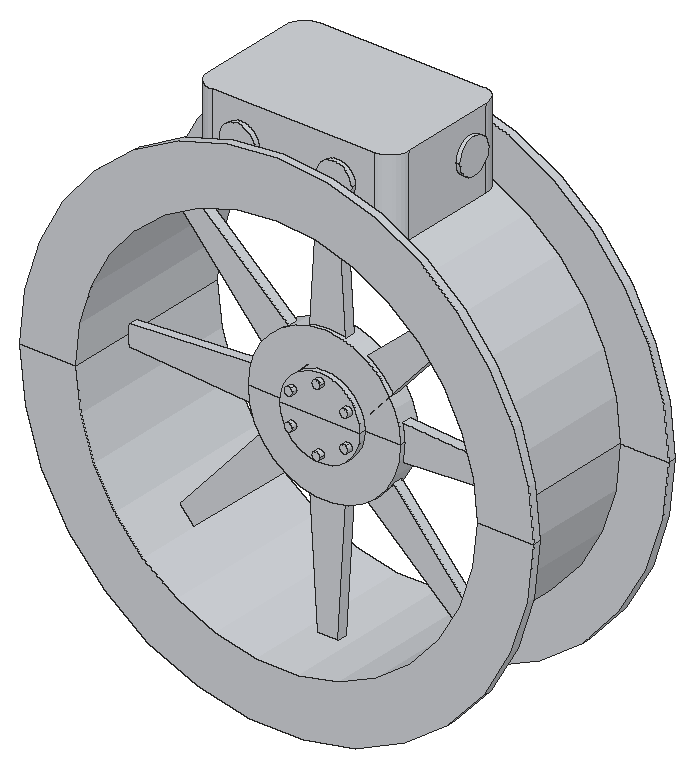
Revit family "CADS_Vent-Axia_MechEquip_Fan_ESC_1Ph4P - EXTRACT", category Mechanical Equipment, Revit 2020
Family settings
  Round Connector Dimension = Use Diameter
  Part Type = Normal
  OmniClass Number = 23.75.00.00
  OmniClass Title = Climate Control (HVAC)
  Work Plane-Based = No
  Always vertical = Yes
  Cut with Voids When Loaded = No
  Shared = No
  Room Calculation Point = No
Parameters (values of type "ESC25014")
  WorkingPressure = 0.0 Pa
  WarrantyStartDate [instance] = "1900-12-31T23:59:59"
  WarrantyPeriod = ""
  WarrantyIdentifier = "N/A"
  WarrantyGuarantorParts = "tech@vent-axia.com"
  WarrantyGuarantorLabor = "tech@vent-axia.com"
  WarrantyGuarantor = "Vent-Axia Limited"
  WarrantyEndDate [instance] = "1900-12-31T23:59:59"
  WarrantyContent = ""
  TemperatureRange = ""
  TagNumber [instance] = "N/A"
  SustainabilityPerformance = ""
  Status = "New"
  Size = ""
  Shape = ""
  ServiceLifeType = ""
  ServiceLifeDuration = ""
  SerialNumber [instance] = "N/A"
  ReplacementCost = ""
  RatedVoltage = 0 V
  RatedCurrent = 0 A
  Quantity = 1
  ProductionYear = ""
  PressureCurve = ""
  PowerFactor = ""
  PointOfContact = ""
  NumberOfPoles = 0
  NominalWidth = 250 mm
  NominalLength = 110 mm
  NominalHeight = 250 mm
  NominalFrequencyRange = ""
  NominalDiameter = 250 mm
  ModelReference = "SHORT CASED AXIAL FAN 250DIA 1PH 4 POLE"
  ModelNumber = "ESC25014"
  Material = ""
  ManufacturerE-Mail = "tech@vent-axia.com"
  ManufacturerAddress = "Fleming Way\nCrawley \nRH10 9YX"
  IsExtendedWarranty = no
  InsulationStandardClass = ""
  InstallationDate [instance] = "1900-12-31T23:59:59"
  IfcExportType [instance] = ""
  IfcExportAs = "IfcFanType"
  IP_Code = ""
  HasProtectiveEarth = no
  GrossWeight = 0.00 kg
  Grade = ""
  GlobalTradeItemNumber [instance] = "N/A"
  Fitting Type = "Ignore"
  Finish = ""
  Features = ""
  ExteriorInsulation = no
  ExpectedServiceLife = 0
  Exclusions = ""
  DurationUnit = "Year"
  Default Elevation = 0 mm
  Constituents = ""
  ConductorFunction = ""
  Color = ""
  CodePerformance = ""
  Category = ""
  CADS_Usage = 0
  CADS_Index = 0
  AssetType = "FIXED"
  AssetIdentifier [instance] = "N/A"
  AssemblyPlace = "UNKNOWN"
  ArticleNumber [instance] = "N/A"
  AirflowRateRange = 0.0 L/s
  Air Flow [instance] = 0.0 L/s
  AccessibilityPerformance = ""
Types (10, lengths in mm): name | NominalWidth | NominalLength | NominalHeight | NominalDiameter | ModelReference | ModelNumber
  ESC25014 | 250 | 110 | 250 | 250 | "SHORT CASED AXIAL FAN 250DIA 1PH 4 POLE" | "ESC25014"
  ESC31514 | 315 | 135 | 315 | 315 | "SHORT CASED AXIAL FAN 315DIA 1PH 4 POLE" | "ESC31514"
  ESC35514 | 355 | 135 | 355 | 355 | "SHORT CASED AXIAL FAN 355DIA 1PH 4 POLE" | "ESC35514"
  ESC35514B | 355 | 135 | 355 | 355 | "355MM 1PH 4P CASED FAN FC035-4EF.2C.A7 169567" | "ESC35514B"
  ESC40014 | 400 | 155 | 400 | 400 | "SHORT CASED AXIAL FAN 400DIA 1PH 4 POLE" | "ESC40014"
  ESC40014B | 400 | 155 | 400 | 400 | "400MM 1PH 4P CASED FAN FC040-4EF.2F.A7 169493" | "ESC40014B"
  ESC45014 | 450 | 160 | 450 | 450 | "SHORT CASED AXIAL FAN 450DIA 1PH 4 POLE" | "ESC45014"
  ESC50014 | 500 | 166 | 500 | 500 | "SHORT CASED AXIAL FAN 500DIA 1PH 4 POLE" | "ESC50014"
  ESC56014C | 560 | 210 | 560 | 560 | "560MM 1PH 4P CASED FAN ART. 183562" | "ESC56014C"
  ESC63014 | 630 | 220 | 630 | 630 | "SHORT CASED AXIAL FAN 630DIA 1PH 4 POLE" | "ESC63014"
Reference planes
  plane 1 "Center (Front/Back)": y = 0
  plane 2: z = 0
  plane 3 "Center (Left/Right)": x = 0
  plane 4: x = -125
  plane 5: x = 125
  plane 6 "F": y = -55
  plane 7 "B": y = 55
  plane 8: x = -160
  plane 9: y = 50
  plane 10: y = -50
  plane 11: x = -130
  plane 12: y = -15
  plane 13 "top": z = 125
  plane 14: z = -125
Forms (mm)
  Revolve 1, solid
    sketch origin (0, 0, 0) x (1, 0, 0) y (0, 1, 0)
      loop
        line (-160, -55) -> (-125, -55) -> (-125, 55) -> (-160, 55) -> (-160, 50) -> (-130, 50) -> (-130, -50) -> (-160, -50) -> (-160, -55)
      axis (0, 55) -> (0, -55)
    angle from 0 to 360
Dimensions and locks
  equal spacing: plane 4, plane 3 "Center (Left/Right)", plane 5
  equal spacing: plane 7 "B", plane 1 "Center (Front/Back)", plane 6 "F"
  "NominalLength": plane 7 "B" to plane 6 "F"
  "NominalDiameter": plane 4 to plane 5
  locked: plane 11 to plane 4 at 5
  locked: plane 8 to plane 11 at 30
  locked: plane 6 "F" to plane 10 at 5
  locked: plane 7 "B" to plane 9 at 5
  locked: plane 6 "F" to plane 12 at 40
  equal spacing: plane 13 "top", level, plane 14
  "NominalDiameter": plane 13 "top" to plane 14
  aligned and locked: level to plane 2
  aligned and locked: nested 1 to plane 12
  aligned and locked: plane 1 "Center (Front/Back)" to nested 16
  aligned and locked: plane 3 "Center (Left/Right)" to nested 16
Automatic sketch dimensions
  plane 6 "F" to Revolve 1 sketch curve = 0 mm
  Revolve 1 sketch curve to plane 8 = 0 mm  (x2)
  plane 10 to Revolve 1 sketch curve = 0 mm
  Revolve 1 sketch curve to plane 11 = 0 mm
  Revolve 1 sketch curve to plane 4 = 0 mm
  Revolve 1 sketch curve to plane 3 "Center (Left/Right)" = 0 mm
  plane 1 "Center (Front/Back)" to Revolve 1 sketch curve = 0 mm
  Revolve 1 sketch curve to plane 9 = 0 mm
  Revolve 1 sketch curve to plane 7 "B" = 0 mm
  plane 6 "F" to Revolve 1 sketch curve = 115 mm
Nested families
  nested 1: "Fan for ESC" at (0, -15, 0), ND <- "NominalDiameter", type "Fan for ESC"
    with hub 25 mm, ND 250 mm, BoltPCD 20 mm, Bolt Count 6, B_Diam 5 mm
  nested 2: "Bolts" at (17.321, -24.172, -10) x (-0.5, 0, -0.866) z (0, 1, 0), type "Bolts"
    with bd 5 mm
  nested 3: "Bolts" at (0, -24.172, -20) x (-1, 0, 0) z (0, 1, 0), type "Bolts"
    with bd 5 mm
  nested 4: "Bolts" at (-17.321, -24.172, -10) x (-0.5, 0, 0.866) z (0, 1, 0), type "Bolts"
    with bd 5 mm
  nested 5: "Bolts" at (-17.321, -24.172, 10) x (0.5, 0, 0.866) z (0, 1, 0), type "Bolts"
    with bd 5 mm
  nested 6: "Bolts" at (17.321, -24.172, 10) x (0.5, 0, -0.866) z (0, 1, 0), type "Bolts"
    with bd 5 mm
  nested 7: "Bolts" at (0, -24.172, 20) x (1, 0, 0) z (0, 1, 0), type "Bolts"
    with bd 5 mm
  nested 8: "ESC Blade" at (0, -15, 0), type "ESC Blade"
    with a 20.00°, HR 25 mm, HD 50 mm, BT 12.5 mm, BR 100 mm, BH 40 mm, BD 250 mm, BB 25 mm
  nested 9: "ESC Blade" at (0, -15, 0) x (0.7071, 0, -0.7071) z (0.7071, 0, 0.7071), type "ESC Blade"
    with a 20.00°, HR 25 mm, HD 50 mm, BT 12.5 mm, BR 100 mm, BH 40 mm, BD 250 mm, BB 25 mm
  nested 10: "ESC Blade" at (0, -15, 0) x (0, 0, -1) z (1, 0, 0), type "ESC Blade"
    with a 20.00°, HR 25 mm, HD 50 mm, BT 12.5 mm, BR 100 mm, BH 40 mm, BD 250 mm, BB 25 mm
  nested 11: "ESC Blade" at (0, -15, 0) x (-0.7071, 0, -0.7071) z (0.7071, 0, -0.7071), type "ESC Blade"
    with a 20.00°, HR 25 mm, HD 50 mm, BT 12.5 mm, BR 100 mm, BH 40 mm, BD 250 mm, BB 25 mm
  nested 12: "ESC Blade" at (0, -15, 0) x (-1, 0, 0) z (0, 0, -1), type "ESC Blade"
    with a 20.00°, HR 25 mm, HD 50 mm, BT 12.5 mm, BR 100 mm, BH 40 mm, BD 250 mm, BB 25 mm
  nested 13: "ESC Blade" at (0, -15, 0) x (-0.7071, 0, -0.7071) z (-0.7071, 0, 0.7071), type "ESC Blade"
    with a 20.00°, HR 25 mm, HD 50 mm, BT 12.5 mm, BR 100 mm, BH 40 mm, BD 250 mm, BB 25 mm
  nested 14: "ESC Blade" at (0, -15, 0) x (0, 0, -1) z (-1, 0, 0), type "ESC Blade"
    with a 20.00°, HR 25 mm, HD 50 mm, BT 12.5 mm, BR 100 mm, BH 40 mm, BD 250 mm, BB 25 mm
  nested 15: "ESC Blade" at (0, -15, 0) x (0.7071, 0, -0.7071) z (-0.7071, 0, -0.7071), type "ESC Blade"
    with a 20.00°, HR 25 mm, HD 50 mm, BT 12.5 mm, BR 100 mm, BH 40 mm, BD 250 mm, BB 25 mm
  nested 16: "Electrical Connection Box" at (0, 0, 125), type "125x84"
Connectors
  hvac at (0, -55, 0), driven by "NominalDiameter", driven by "Air Flow"
    settings: on Revolve 1, index 1, duct flow 0.0 L/s, flow factor 0, pres drop 0.0 Pa, loss coef 0, conn angle 0.00°, conn width 304.8 mm, conn height 304.8 mm, conn diameter 250 mm, duct sys type 2, conn prof type 0, flow config 1, flow direction 1, loss method 0, conn ref index -1, conn util no, is conn primary yes, conn desc ""
  hvac at (0, 55, 0), driven by "NominalDiameter", driven by "Air Flow"
    settings: on Revolve 1, index 2, duct flow 0.0 L/s, flow factor 0, pres drop 0.0 Pa, loss coef 0, conn angle 0.00°, conn width 304.8 mm, conn height 304.8 mm, conn diameter 250 mm, duct sys type 3, conn prof type 0, flow config 0, flow direction 2, loss method 0, conn ref index -1, conn util no, is conn primary no, conn desc ""
Definition of nested family "Fan for ESC"
  Parameters (values of type "Fan for ESC")
    hub [instance] = ND / 10  # 56.7 mm
    ND [instance] = 567 mm
    Model = "."
    Default Elevation = 0 mm
    BoltPCD [instance] = hub - (hub * 0.2)  # 45.36 mm
    Bolt Count [instance] = if(hub < 50 mm, 6, 8)  # 8
    B_Diam [instance] = if(hub < 50 mm, 5 mm, 10 mm)  # 10 mm
  Reference planes
    plane 1 "Center (Front/Back)": y = 0
    plane 2: z = 0
    plane 3 "Center (Left/Right)": x = 0
    plane 4 "back": y = 20
    plane 5 "bolts": y = -9.172
    plane 6 "B": z = 56.7
    plane 7: x = -79.287
    plane 8: x = -56.7
    plane 9 "hubface": y = -6.172
  Forms (mm)
    Revolve 1, solid
      sketch origin (0, 0, 0) x (1, 0, 0) y (0, 1, 0)
        loop
          line (0, 20) -> (-56.7, 20) -> (-56.7, 10.504) -> (-79.287, 10.504) -> (-79.287, -2.597) -> (-56.7, -2.597) -> (-56.7, -6.172) -> (0, -6.172) -> (0, 20)
        axis (0, 20) -> (0, -6.172)
      angle from 0 to 360
    Extrusion 2, solid, not visible
      sketch origin (0, -6.347, -4) x (-1, 0, 0) y (0, 0, 1)
        loop
          circle (0, 84) r 5
      from 0 to 3
  Lines and regions (mm)
    symbolic lines
      curve 1: circle (0, -9.172, 0) r 45.36 normal (0, 1, 0)
    model lines, not visible
      curve 2: line (0, -6.347, 85) -> (0, -6.347, 75)
  Dimensions and locks
    "hub": plane 6 "B" to plane 2
    "hub": nested 3 to plane 3 "Center (Left/Right)"
    "hub": nested 4 to plane 3 "Center (Left/Right)"
    "hub": nested 5 to plane 3 "Center (Left/Right)"
    "hub": plane 3 "Center (Left/Right)" to nested 6
    "hub": Revolve 1 sketch curve to Revolve 1 sketch curve
    "hub": plane 3 "Center (Left/Right)" to nested 7
    "hub": plane 3 "Center (Left/Right)" to nested 8
    "hub": plane 3 "Center (Left/Right)" to nested 9
    "hub": plane 8 to plane 3 "Center (Left/Right)"
    plane 7 to plane 8 = 22.587 mm
    diameter of Extrusion 2 sketch curve = 10 mm
    "BoltPCD": radius of curve 1
    "BoltPCD": radius of radial array
    aligned and locked: level to plane 2
    aligned and locked: plane 6 "B" to nested 1
  Automatic sketch dimensions
    Revolve 1 sketch curve to plane 7 = 0 mm
    Revolve 1 sketch curve to plane 8 = 0 mm  (x2)
    Revolve 1 sketch curve to plane 3 "Center (Left/Right)" = 0 mm
    Revolve 1 sketch curve to plane 9 "hubface" = 0 mm
    plane 4 "back" to Revolve 1 sketch curve = 0 mm
    plane 1 "Center (Front/Back)" to Revolve 1 sketch curve = 2.597 mm
    plane 4 "back" to Revolve 1 sketch curve = 9.496 mm
    Revolve 1 sketch curve to Revolve 1 sketch curve = 5 mm
    Revolve 1 sketch curve to plane 4 "back" = 45 mm
    curve 1 to level = 0 mm
    curve 1 to plane 3 "Center (Left/Right)" = 0 mm
  Nested families
    nested 1: "ESC Blade" at (0, 0, 0), BD <- "ND", HD <- "hub", type "ESC Blade"
      with a 20.00°, HR 56.7 mm, HD 113.4 mm, BT 28.35 mm, BR 226.8 mm, BH 40 mm, BD 567 mm, BB 56.7 mm
    nested 2: "ESC Blade" at (0, 0, 755), BD <- "ND", HD <- "hub", type "ESC Blade", not visible
      with a 20.00°, HR 56.7 mm, HD 113.4 mm, BT 28.35 mm, BR 226.8 mm, BH 40 mm, BD 567 mm, BB 56.7 mm
    nested 3: "ESC Blade" at (0, 0, 0) x (0.7071, 0, -0.7071) z (0.7071, 0, 0.7071), BD <- "ND", HD <- "hub", type "ESC Blade"
      with a 20.00°, HR 56.7 mm, HD 113.4 mm, BT 28.35 mm, BR 226.8 mm, BH 40 mm, BD 567 mm, BB 56.7 mm
    nested 4: "ESC Blade" at (0, 0, 0) x (0, 0, -1) z (1, 0, 0), BD <- "ND", HD <- "hub", type "ESC Blade"
      with a 20.00°, HR 56.7 mm, HD 113.4 mm, BT 28.35 mm, BR 226.8 mm, BH 40 mm, BD 567 mm, BB 56.7 mm
    nested 5: "ESC Blade" at (0, 0, 0) x (-0.7071, 0, -0.7071) z (0.7071, 0, -0.7071), BD <- "ND", HD <- "hub", type "ESC Blade"
      with a 20.00°, HR 56.7 mm, HD 113.4 mm, BT 28.35 mm, BR 226.8 mm, BH 40 mm, BD 567 mm, BB 56.7 mm
    nested 6: "ESC Blade" at (0, 0, 0) x (-1, 0, 0) z (0, 0, -1), BD <- "ND", HD <- "hub", type "ESC Blade"
      with a 20.00°, HR 56.7 mm, HD 113.4 mm, BT 28.35 mm, BR 226.8 mm, BH 40 mm, BD 567 mm, BB 56.7 mm
    nested 7: "ESC Blade" at (0, 0, 0) x (-0.7071, 0, -0.7071) z (-0.7071, 0, 0.7071), BD <- "ND", HD <- "hub", type "ESC Blade"
      with a 20.00°, HR 56.7 mm, HD 113.4 mm, BT 28.35 mm, BR 226.8 mm, BH 40 mm, BD 567 mm, BB 56.7 mm
    nested 8: "ESC Blade" at (0, 0, 0) x (0, 0, -1) z (-1, 0, 0), BD <- "ND", HD <- "hub", type "ESC Blade"
      with a 20.00°, HR 56.7 mm, HD 113.4 mm, BT 28.35 mm, BR 226.8 mm, BH 40 mm, BD 567 mm, BB 56.7 mm
    nested 9: "ESC Blade" at (0, 0, 0) x (0.7071, 0, -0.7071) z (-0.7071, 0, -0.7071), BD <- "ND", HD <- "hub", type "ESC Blade"
      with a 20.00°, HR 56.7 mm, HD 113.4 mm, BT 28.35 mm, BR 226.8 mm, BH 40 mm, BD 567 mm, BB 56.7 mm
    nested 10: "Bolts" at (0, -9.172, 45.36) x (1, 0, 0) z (0, 1, 0), bd <- "B_Diam", type "Bolts"
      with bd 10 mm
    nested 11: "Bolts" at (32.074, -9.172, 32.074) x (0.7071, 0, -0.7071) z (0, 1, 0), bd <- "B_Diam", type "Bolts"
      with bd 10 mm
    nested 12: "Bolts" at (-32.074, -9.172, 32.074) x (0.7071, 0, 0.7071) z (0, 1, 0), bd <- "B_Diam", type "Bolts"
      with bd 10 mm
    nested 13: "Bolts" at (-45.36, -9.172, 0) x (0, 0, 1) z (0, 1, 0), bd <- "B_Diam", type "Bolts"
      with bd 10 mm
    nested 14: "Bolts" at (-32.074, -9.172, -32.074) x (-0.7071, 0, 0.7071) z (0, 1, 0), bd <- "B_Diam", type "Bolts"
      with bd 10 mm
    nested 15: "Bolts" at (0, -9.172, -45.36) x (-1, 0, 0) z (0, 1, 0), bd <- "B_Diam", type "Bolts"
      with bd 10 mm
    nested 16: "Bolts" at (32.074, -9.172, -32.074) x (-0.7071, 0, -0.7071) z (0, 1, 0), bd <- "B_Diam", type "Bolts"
      with bd 10 mm
    nested 17: "Bolts" at (45.36, -9.172, 0) x (0, 0, -1) z (0, 1, 0), bd <- "B_Diam", type "Bolts"
      with bd 10 mm
  Definition of nested family "ESC Blade"
    Parameters (values of type "ESC Blade")
      a [instance] = 20.00°
      HR [instance] = HD / 2  # 30 mm
      HD [instance] = BD / 5  # 60 mm
      Default Elevation = 1219.2 mm
      BT [instance] = BD / 20  # 15 mm
      BR [instance] = (BD / 2) - HR  # 120 mm
      BH [instance] = 40 mm
      BD [instance] = 300 mm
      BB [instance] = BD / 10  # 30 mm
    Reference planes
      plane 1 "Center (Front/Back)": y = 0
      plane 2: z = 0
      plane 3 "Center (Left/Right)": x = 0
      plane 4 "Blade Bot": z = 30
      plane 5: x = -15
      plane 6: x = 15
      plane 7: x = -7.5
      plane 8: x = 7.5
    Forms (mm)
      Blend 1, solid
        base sketch origin (0, 0, 30) x (-1, 0, 0) y (0, -1, 0)
          loop
            line (15, 0) -> (-15, 0) -> (-15, -6) -> (15, -6) -> (15, 0)
        top sketch origin (0, 0, 30) x (-1, 0, 0) y (0, -1, 0)
          loop
            line (7.5, -6) -> (7.5, 0) -> (-7.5, 0) -> (-7.5, -6) -> (7.5, -6)
        from 0 to 120 <- "BR"
    Dimensions and locks
      "HR": plane 4 "Blade Bot" to level
      equal spacing: plane 8, plane 3 "Center (Left/Right)", plane 7
      "BT": plane 8 to plane 7
      equal spacing: plane 6, plane 3 "Center (Left/Right)", plane 5
      "BB": plane 6 to plane 5
      aligned and locked: level to plane 2
    Automatic sketch dimensions
      plane 1 "Center (Front/Back)" to Blend 1 sketch curve = 0 mm  (x2)
      Blend 1 sketch curve to plane 6 = 0 mm
      Blend 1 sketch curve to plane 5 = 0 mm
      Blend 1 sketch curve to plane 1 "Center (Front/Back)" = 6 mm  (x2)
      Blend 1 sketch curve to plane 8 = 0 mm
      Blend 1 sketch curve to plane 7 = 0 mm
  Definition of nested family "Bolts"
    Parameters
      bd [instance] = 10 mm
      Default Elevation = 1219.2 mm
    Reference planes
      plane 1 "Center (Front/Back)": y = 0
      plane 2: z = 0
      plane 3 "Center (Left/Right)": x = 0
    Forms (mm)
      Extrusion 1, solid
        sketch origin (0, 0, 0) x (1, 0, 0) y (0, 1, 0)
          loop
            line (-1219.2, 1219.2) -> (-1219.2, -1219.2) -> (1219.2, -1219.2) -> (1219.2, 1219.2) -> (-1219.2, 1219.2)
        from 0 to -304.8
      Extrusion 2, solid
        sketch origin (0, 0, 0) x (1, 0, 0) y (0, 1, 0)
          loop
            circle (0, 0) r 5
        from 0 to 3
    Dimensions and locks
      "bd": diameter of Extrusion 2 sketch curve
      aligned and locked: plane 2 to Extrusion 1
      aligned and locked: level to Extrusion 1
    Automatic sketch dimensions
      Extrusion 1 sketch curve to Extrusion 1 sketch curve = 2438.4 mm  (x2)
      plane 1 "Center (Front/Back)" to Extrusion 2 sketch curve = 0 mm
      Extrusion 2 sketch curve to plane 3 "Center (Left/Right)" = 0 mm
Definition of nested family "Bolts"
  Parameters
    bd [instance] = 10 mm
    Default Elevation = 1219.2 mm
  Reference planes
    plane 1 "Center (Front/Back)": y = 0
    plane 2: z = 0
    plane 3 "Center (Left/Right)": x = 0
  Forms (mm)
    Extrusion 1, solid
      sketch origin (0, 0, 0) x (1, 0, 0) y (0, 1, 0)
        loop
          line (-1219.2, 1219.2) -> (-1219.2, -1219.2) -> (1219.2, -1219.2) -> (1219.2, 1219.2) -> (-1219.2, 1219.2)
      from 0 to -304.8
    Extrusion 2, solid
      sketch origin (0, 0, 0) x (1, 0, 0) y (0, 1, 0)
        loop
          circle (0, 0) r 5
      from 0 to 3
  Dimensions and locks
    "bd": diameter of Extrusion 2 sketch curve
    aligned and locked: plane 2 to Extrusion 1
    aligned and locked: level to Extrusion 1
  Automatic sketch dimensions
    Extrusion 1 sketch curve to Extrusion 1 sketch curve = 2438.4 mm  (x2)
    plane 1 "Center (Front/Back)" to Extrusion 2 sketch curve = 0 mm
    Extrusion 2 sketch curve to plane 3 "Center (Left/Right)" = 0 mm
Definition of nested family "ESC Blade"
  Parameters (values of type "ESC Blade")
    a [instance] = 20.00°
    HR [instance] = HD / 2  # 30 mm
    HD [instance] = BD / 5  # 60 mm
    Default Elevation = 1219.2 mm
    BT [instance] = BD / 20  # 15 mm
    BR [instance] = (BD / 2) - HR  # 120 mm
    BH [instance] = 40 mm
    BD [instance] = 300 mm
    BB [instance] = BD / 10  # 30 mm
  Reference planes
    plane 1 "Center (Front/Back)": y = 0
    plane 2: z = 0
    plane 3 "Center (Left/Right)": x = 0
    plane 4 "Blade Bot": z = 30
    plane 5: x = -15
    plane 6: x = 15
    plane 7: x = -7.5
    plane 8: x = 7.5
  Forms (mm)
    Blend 1, solid
      base sketch origin (0, 0, 30) x (-1, 0, 0) y (0, -1, 0)
        loop
          line (15, 0) -> (-15, 0) -> (-15, -6) -> (15, -6) -> (15, 0)
      top sketch origin (0, 0, 30) x (-1, 0, 0) y (0, -1, 0)
        loop
          line (7.5, -6) -> (7.5, 0) -> (-7.5, 0) -> (-7.5, -6) -> (7.5, -6)
      from 0 to 120 <- "BR"
  Dimensions and locks
    "HR": plane 4 "Blade Bot" to level
    equal spacing: plane 8, plane 3 "Center (Left/Right)", plane 7
    "BT": plane 8 to plane 7
    equal spacing: plane 6, plane 3 "Center (Left/Right)", plane 5
    "BB": plane 6 to plane 5
    aligned and locked: level to plane 2
  Automatic sketch dimensions
    plane 1 "Center (Front/Back)" to Blend 1 sketch curve = 0 mm  (x2)
    Blend 1 sketch curve to plane 6 = 0 mm
    Blend 1 sketch curve to plane 5 = 0 mm
    Blend 1 sketch curve to plane 1 "Center (Front/Back)" = 6 mm  (x2)
    Blend 1 sketch curve to plane 8 = 0 mm
    Blend 1 sketch curve to plane 7 = 0 mm
Definition of nested family "Electrical Connection Box"
  Parameters (values of type "125x84")
    w = 125 mm
    vis grommets = yes
    h = 50 mm
    d = 84 mm
    Default Elevation = 1219.2 mm
  Types (4, lengths in mm): name | w | vis grommets | h | d
    125x84 | 125 | yes | 50 | 84
    165x135 | 165 | no | 50 | 135
    Electrical Connection Box 2 | 165 | no | 0 | 135
    Electrical Connection Box | 125 | no | 0 | 84
  Reference planes
    plane 1 "Center (Front/Back)": y = 0
    plane 2: z = 0
    plane 3 "Center (Left/Right)": x = 0
    plane 4: y = 42
    plane 5: x = 62.5
    plane 6: x = -62.5
    plane 7: y = -42
  Forms (mm)
    Extrusion 1, solid
      sketch origin (0, 0, 0) x (1, 0, 0) y (0, 1, 0)
        loop
          line (-1219.2, 1219.2) -> (-1219.2, -1219.2) -> (1219.2, -1219.2) -> (1219.2, 1219.2) -> (-1219.2, 1219.2)
      from 0 to -304.8
    Extrusion 2, solid
      sketch origin (-62.5, -42, 0) x (1, 0, 0) y (0, 1, 0)
        loop
          arc (12, 84) -> (3.515, 80.485) -> (0, 72) r 12
          line (0, 72) -> (0, 12)
          arc (0, 12) -> (3.515, 3.515) -> (12, 0) r 12
          line (12, 0) -> (113, 0)
          arc (113, 0) -> (121.485, 3.515) -> (125, 12) r 12
          line (125, 12) -> (125, 72)
          arc (125, 72) -> (121.485, 80.485) -> (113, 84) r 12
          line (113, 84) -> (12, 84)
      from 0 to 50 <- "h"
    Extrusion 3, solid, visible <- "vis grommets"
      sketch origin (62.5, 43.228, -0.59) x (0, -1, 0) y (0, 0, -1)
        loop
          circle (26.228, -28.09) r 11
      from 0 to 3
    Extrusion 4, solid, visible <- "vis grommets"
      sketch origin (204.495, -42, 22.909) x (-1, 0, 0) y (0, 0, -1)
        loop
          circle (176.995, -4.591) r 11
      from 0 to 3
    Extrusion 5, solid, visible <- "vis grommets"
      sketch origin (144.495, -42, 22.909) x (-1, 0, 0) y (0, 0, -1)
        loop
          circle (176.995, -4.591) r 11
      from 0 to 3
  Dimensions and locks
    "w": plane 6 to plane 5
    equal spacing: plane 6, plane 3 "Center (Left/Right)", plane 5
    "d": plane 4 to plane 7
    equal spacing: plane 4, plane 1 "Center (Front/Back)", plane 7
    aligned and locked: plane 2 to Extrusion 1
    aligned and locked: level to Extrusion 1
  Automatic sketch dimensions
    Extrusion 1 sketch curve to Extrusion 1 sketch curve = 2438.4 mm  (x2)
    Extrusion 2 sketch curve to plane 6 = 0 mm
    plane 7 to Extrusion 2 sketch curve = 0 mm
    Extrusion 2 sketch curve to plane 4 = 0 mm
    Extrusion 2 sketch curve to plane 5 = 0 mm
    Extrusion 2 sketch curve to plane 6 = 12 mm
    Extrusion 2 sketch curve to plane 4 = 12 mm  (x2)
    Extrusion 2 sketch curve to plane 5 = 12 mm
    Extrusion 3 sketch curve to Extrusion 2 = 13 mm
    Extrusion 2 to Extrusion 3 sketch curve = 22.5 mm
    Extrusion 4 sketch curve to Extrusion 2 = 23 mm
    Extrusion 2 to Extrusion 4 sketch curve = 22.5 mm
    Extrusion 2 to Extrusion 5 sketch curve = 18 mm
    Extrusion 2 to Extrusion 5 sketch curve = 22.5 mm
    radius of Extrusion 3 sketch curve = 11 mm
    radius of Extrusion 4 sketch curve = 11 mm
    radius of Extrusion 5 sketch curve = 11 mm
